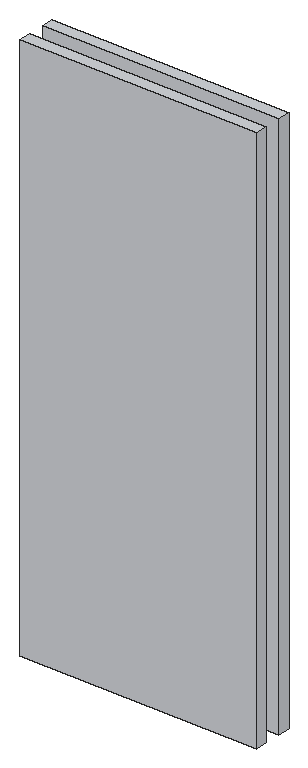
Revit family "DOOR_Single Blind", category Doors, host Wall, Revit 2024
Family settings
  Host = Wall
  Always vertical = Yes
  Cut with Voids When Loaded = No
  Shared = No
  Room Calculation Point = No
Parameters (values of type "900mm x 2100mm")
  Top Edge Width = 225 mm
  Top Edge Height = 100 mm
  Thickness = 45 mm
  Rough Width = Width  # 900 mm
  Rough Height = Height  # 2100 mm
  Glazed Panel Depth = 25 mm
  Height = 2100 mm
  Wall Closure = By host
  Width = 900 mm
  Function = Interior
  EA_Repath [instance] = 0 mm
  Double Swing Option [instance] = yes
  Double ADA Clearance Lines [instance] = yes
  Door_$Panel_Material [instance] = none
  Door_$Leaf1_3DSwing_Angle [instance] = 0.00°
  Door_$Leaf1_2DSwing_Angle [instance] = 90.00°
  Define Thermal Properties by = Schematic Type
  Bottom Rail Height = 150 mm
  Assembly Code = "C1020"
  Analytic Construction = "<None>"
  Single ADA Clearance Lines [instance] = yes
Types (3, lengths in mm): name | Rough Height | Height | Double Swing Option | Double ADA Clearance Lines | Single ADA Clearance Lines
  900mm x 2700mm | 2700 | 2700 | no | no | no
  900mm x 2400mm | 2400 | 2400 | yes | yes | yes
  900mm x 2100mm | 2100 | 2100 | yes | yes | yes
Reference planes
  plane 1 "Center (Front/Back)": y = 0
  plane 2 "Center (Left/Right)": x = 0
  plane 3 "Left": x = -450
  plane 4 "Right": x = 450
  plane 5 "Top": z = 2100
  plane 6: y = 76.2
  plane 7: y = -76.2
  plane 8: x = -405
Lines and regions (mm)
  Opening 1
    outline origin (-2286, -76.2, 0) x (1, 0, 0) y (0, 0, 1)
      loop
        line (1836, 0) -> (2736, 0) -> (2736, 2100) -> (1836, 2100) -> (1836, 0)
  symbolic lines, style "Elevation Swing"
    curve 1: line (450, 76.2, 0) -> (-450, 76.2, 1050)
    curve 2: line (-450, 76.2, 1050) -> (450, 76.2, 2100)
  symbolic lines, style "ADA Clearance Lines", visible <- "Single ADA Clearance Lines"
    curve 3: line (-405, 1600.2, 0) -> (907.2, 1600.2, 0)
    curve 4: line (-405, -1295.4, 0) -> (-405, 1600.2, 0)
    curve 5: line (754.8, -1295.4, 0) -> (-405, -1295.4, 0)
    curve 6: line (907.2, 1600.2, 0) -> (907.2, 76.2, 0)
    curve 7: line (754.8, -76.2, 0) -> (754.8, -1295.4, 0)
  symbolic lines, style "ADA Clearance Lines", visible <- "Double ADA Clearance Lines"
    curve 8: line (907.2, 76.2, 0) -> (907.2, 1600.2, 0)
    curve 9: line (907.2, 1600.2, 0) -> (-405, 1600.2, 0)
    curve 10: line (-405, 1600.2, 0) -> (-405, -1600.2, 0)
    curve 11: line (-405, -1600.2, 0) -> (907.2, -1600.2, 0)
    curve 12: line (907.2, -1600.2, 0) -> (907.2, -76.2, 0)
Text (mm)
  text "Exterior" at (-1904.17, 693.701, 0), in view "Ref. Level"
  text "Interior" at (-1904.17, -638.649, 0), in view "Ref. Level"
  text "Exterior" at (0, 1019.848, 3124.603), in view "Right"
  text "Interior" at (0, -1635.541, 3124.603), in view "Right"
  text "Interior" at (0, -787.806, 3124.376), in view "Left"
  text "Exterior" at (0, 1386.095, 3124.376), in view "Left"
Dimensions and locks
  equal spacing: plane 3 "Left", plane 2 "Center (Left/Right)", plane 4 "Right"
  "Height": level to plane 5 "Top"
  "Width": plane 3 "Left" to plane 4 "Right"
  equal spacing: host wall, curve 2, plane 5 "Top"
  plane 4 "Right" to curve 7 = 304.8 mm
  plane 4 "Right" to curve 6 = 457.2 mm
  curve 5 to plane 7 = 1219.2 mm
  curve 3 to plane 6 = 1524 mm
  curve 11 to plane 7 = 1524 mm
  curve 9 to plane 6 = 1524 mm
  plane 4 "Right" to curve 8 = 457.2 mm
  plane 4 "Right" to curve 12 = 457.2 mm
  "Thickness": plane 3 "Left" to plane 8
  aligned and locked: plane 3 "Left" to Opening 1 sketch curve
  aligned and locked: plane 5 "Top" to Opening 1 sketch curve  (x2)
  aligned and locked: Opening 1 sketch curve to plane 4 "Right"
  aligned and locked: Opening 1 sketch curve to level
  aligned and locked: plane 4 "Right" to curve 1
  aligned and locked: plane 3 "Left" to curve 1
  aligned and locked: plane 5 "Top" to curve 2
  aligned and locked: nested 1 to plane 3 "Left"
  aligned and locked: nested 1 to host wall
  aligned and locked: plane 7 to host wall
  aligned and locked: plane 6 to host wall
  aligned and locked: plane 6 to curve 6
  aligned and locked: plane 7 to curve 7
  aligned and locked: plane 7 to nested 2  (x2)
  aligned and locked: plane 3 "Left" to nested 2  (x2)
  aligned and locked: plane 6 to curve 8
  aligned and locked: plane 7 to curve 12
  aligned and locked: plane 6 to nested 1
  aligned and locked: plane 3 "Left" to nested 1
  aligned and locked: curve 4 to plane 8
Automatic sketch dimensions
  curve 1 to level = 0 mm
  curve 2 to plane 4 "Right" = 0 mm
Nested families
  nested 1: "Door_Panel_Adjustable" at (-450, 76.2, 0), Panel Width <- "Width", Panel Height <- "Height", Panel Material <- "Door_$Panel_Material", Opening Angle <- "Door_$Leaf1_3DSwing_Angle", Panel Thickness <- "Thickness", Plan Swing Angle <- "Door_$Leaf1_2DSwing_Angle", type "Door_Panel_Adjustable"
    with Plan Swing Angle 90.00°, Panel Width 900 mm, Panel Thickness 45 mm, Panel Material none, Panel Height 2100 mm, Opening Angle 0.00°
  nested 2: "Door_Panel_Adjustable" at (-450, -76.2, 0), Panel Width <- "Width", Panel Height <- "Height", Panel Material <- "Door_$Panel_Material", Opening Angle <- "Door_$Leaf1_3DSwing_Angle", Panel Thickness <- "Thickness", visible <- "Double Swing Option", Plan Swing Angle <- "Door_$Leaf1_2DSwing_Angle", type "Door_Panel_Adjustable"
    with Plan Swing Angle 90.00°, Panel Width 900 mm, Panel Thickness 45 mm, Panel Material none, Panel Height 2100 mm, Opening Angle 0.00°
Definition of nested family "Door_Panel_Adjustable"
  Parameters
    Plan Swing Angle [instance] = 120.00°
    Panel Width [instance] = 914.4 mm
    Panel Thickness [instance] = 50.8 mm
    Panel Material [instance] = none
    Panel Height [instance] = 2133.6 mm
    Opening Angle [instance] = 45.00°
    Default Elevation = 1219.2 mm
    Assembly Code = ""
  Reference planes
    plane 1 "Center (Front/Back)": y = 0
    plane 2: z = 0
    plane 3 "Center (Left/Right)": x = 0
  Forms (mm)
    Extrusion 1, solid, material <- "Panel Material"
      sketch origin (0, 0, 0) x (0.707107, 0.707107, 0) y (0, 0, 1)
        loop
          line (0, 0) -> (914.4, 0) -> (914.4, 2133.6) -> (0, 2133.6) -> (0, 0)
      from 0 to 50.8 <- "Panel Thickness"
  Lines and regions (mm)
    reference lines
      curve 1: line (0, 0, 0) -> (646.578, 646.578, 0)
  Dimensions and locks
    "Panel Width": curve 1 to curve 1
    "Panel Width": Extrusion 1 sketch curve to Extrusion 1 sketch curve
    "Panel Height": Extrusion 1 sketch curve to Extrusion 1 sketch curve
    "Opening Angle": angle plane 1 "Center (Front/Back)" to curve 1
    aligned and locked: plane 3 "Center (Left/Right)" to curve 1
    aligned and locked: plane 3 "Center (Left/Right)" to nested 1
    aligned and locked: plane 1 "Center (Front/Back)" to nested 1
  Automatic sketch dimensions
    curve 1 to plane 1 "Center (Front/Back)" = 0 mm
    Extrusion 1 sketch curve to curve 1 = 0 mm  (x2)
  Nested families
    nested 1: "Door_Panel_Linework" at (0, 0, 0), type "door panel swing"
  Definition of nested family "Door_Panel_Linework"
    Parameters
      Panel Thickness = 50.8 mm
      Panel Swing = 120.00°
      Panel Length = 914.4 mm
      Invisible Line_Height = 2133.6 mm
      Default Elevation = 1219.2 mm
      Assembly Code = ""
    Reference planes
      plane 1 "Center (Front/Back)": y = 0
      plane 2: z = 0
      plane 3 "Center (Left/Right)": x = 0
    Lines and regions (mm)
      symbolic lines
        curve 1: line (0, 0, 0) -> (-457.2, 791.894, 0)
        curve 2: line (-457.2, 791.894, 0) -> (-413.206, 817.294, 0)
        curve 3: line (0, 0, 0) -> (43.994, 25.4, 0)
        curve 4: line (43.994, 25.4, 0) -> (-413.206, 817.294, 0)
        curve 5: arc (-457.2, 791.894, 0) -> (458.618, 791.073, 0) -> (914.394, -3.277, 0) r 914.4
      model lines
        curve 6: line (0, 0, 0) -> (0, 0, 2133.6)
    Dimensions and locks
      "Panel Thickness": curve 4 to curve 1
      "Panel Length": curve 3 to curve 2
      locked: curve 5 to plane 1 "Center (Front/Back)" at 3.277
      "Invisible Line_Height": curve 6 to level
      "Panel Swing": angle plane 1 "Center (Front/Back)" to curve 1
    Automatic sketch dimensions
      curve 5 to plane 1 "Center (Front/Back)" = 0 mm
      curve 5 to plane 3 "Center (Left/Right)" = 0 mm
      curve 3 to plane 1 "Center (Front/Back)" = 0 mm
      curve 3 to plane 3 "Center (Left/Right)" = 0 mm
      curve 6 to level = 0 mm
      plane 1 "Center (Front/Back)" to curve 6 = 0 mm
